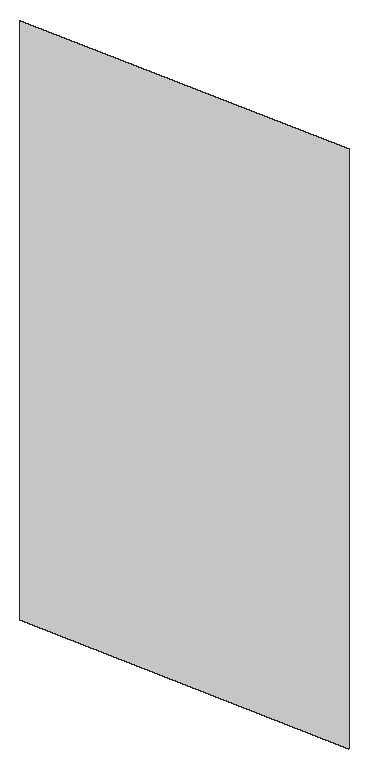
Revit family "PKNail GFCI Outlet", category Electrical Fixtures, host Wall, Revit 2017
Family settings
  Host = Wall
  Maintain Annotation Orientation = No
  Round Connector Dimension = Use Diameter
  Part Type = Normal
  OmniClass Number = 23.80.50.11.11
  OmniClass Title = Receptacle Terminal Units
  Always vertical = Yes
  Cut with Voids When Loaded = No
  Shared = No
  Room Calculation Point = No
Parameters (values of type "GFCI Outlet")
  Width = 0' - 2 3/4"
  PKNail Family Measure Location Centered = yes
  PKNail Family Instance Elevation [instance] = 0' - 10"
  PKNail Family Fixed Dimensions = "Width:Height"
  Height = 0' - 4 1/2"
  Material = Plastic - White
  Assembly Code = ""
Reference planes (in)
  plane 1: y = 0
  plane 2 "Center (Left/Right)": x = 0
  plane 3 "Back": y = 3
  plane 4 "Left": x = -1.375
  plane 5 "Right": x = 1.375
  plane 6: z = 9.75
  plane 7: z = 14.25
  plane 8 "Center (Elevation)": z = 12
  plane 9: y = 3.1875
  plane 10: y = 3.25
  plane 11: z = 2
Forms (in)
  Blend 1, solid, material "Plastic - White" <- "Material"
    base sketch origin (0, 3, 0) x (1, 0, 0) y (0, 0, 1)
      loop
        line (1.375, 14.25) -> (-1.375, 14.25) -> (-1.375, 9.75) -> (1.375, 9.75) -> (1.375, 14.25)
    top sketch origin (0, 3, 0) x (1, 0, 0) y (0, 0, 1)
      loop
        line (1.1875, 14.0625) -> (-1.1875, 14.0625) -> (-1.1875, 9.9375) -> (1.1875, 9.9375) -> (1.1875, 14.0625)
    from 0 to -0.1875
Lines and regions (in)
  model lines, style "InvisibleLines"
    curve 1: line (0, 3, 2) -> (0, 3, 9.75)
Text (in)
  text "Placement Side" at (0, 40.15149, 123.01588), in view "Right"
  text "Placement Side" at (0, 47.49176, 140.59947), in view "Left"
Dimensions and locks (in)
  locked: plane 3 "Back" to host wall
  "Height": plane 6 to plane 7
  "Width": plane 5 "Right" to plane 4 "Left"
  equal spacing: plane 5 "Right", plane 2 "Center (Left/Right)", plane 4 "Left"
  equal spacing: plane 6, plane 8 "Center (Elevation)", plane 7
  locked: plane 3 "Back" to plane 9 at 0.1875
  locked: plane 9 to plane 10 at 0.0625
  "PKNail Family Instance Elevation": plane 11 to plane 8 "Center (Elevation)"
  aligned and locked: plane 6 to Blend 1 sketch curve
  aligned and locked: plane 5 "Right" to Blend 1 sketch curve
  aligned and locked: Blend 1 sketch curve to plane 7
  aligned and locked: Blend 1 to curve 1
  aligned and locked: plane 2 "Center (Left/Right)" to curve 1
Automatic sketch dimensions
  plane 4 "Left" to Blend 1 sketch curve = 0' - 0 3/16"
  Blend 1 sketch curve to plane 5 "Right" = 0' - 0 3/16"
  Blend 1 sketch curve to plane 6 = 0' - 0 3/16"
  plane 7 to Blend 1 sketch curve = 0' - 0 3/16"
  Blend 1 sketch curve to plane 4 "Left" = 0' - 0"
  curve 1 to plane 11 = 0' - 0"
Nested families (in)
  nested 1: "GFCI Outlet Annotation" at (-0.0036, 3, 0), type "GFCI Outlet Annotation"
Definition of nested family "GFCI Outlet Annotation"
  Reference planes (in)
    plane 1: y = 0
    plane 2: x = 0
  Lines and regions (in)
    detail lines
      curve 1: line (-0.01815, 0.01567, 0) -> (-0.01815, 0.1844, 0)
      curve 2: line (0.01815, 0.01567, 0) -> (0.01815, 0.1844, 0)
      curve 3: line (-0.04501, 0.16727, 0) -> (0.04578, 0.16727, 0)
      curve 4: line (-0.04501, 0.07807, 0) -> (-0.04501, 0.16727, 0)
      curve 5: line (0.04578, 0.07807, 0) -> (-0.04501, 0.07807, 0)
      curve 6: line (0.04578, 0.16727, 0) -> (0.04578, 0.07807, 0)
